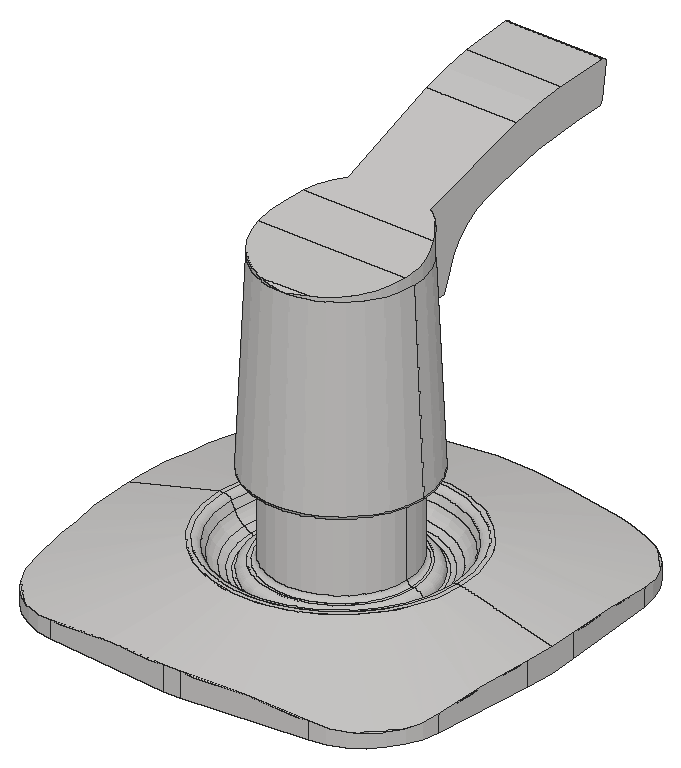
Revit family "Diverter_Valve-Trim-Delta-Tesla-11X52", category Plumbing Fixtures, host Face, Revit 2012
Parameters (values of type "Three Function")
  zz Length 3 = 4.500"  # constant formula
  zz Length 2 = 4.500"  # constant formula
  zz Length 1 = 4.000"  # constant formula
  zz Integer 1 = 1
  Width [instance] = zz Length 2  # 4.500"
  URL = "http://www.deltafaucet.com/index.html"
  Product Page URL = ""
  Product Material = Steel - Delta Faucet Company - Stainless
  Product Documentation Link = ""
  Pipe Size = 0.500"
  Part Number [instance] = Model  # "11852"
  Part Description [instance] = Description  # "Tesla Three Function Custom Shower Diverter"
  Model Disclaimer = "Contact Delta Faucet Company for More Information"  # constant formula
  Model = if(zz Integer 1 = 1, "11852", if(zz Integer 1 = 2, "11952", "Not Available"))  # "11852"
  Manufacturer = "Delta Faucet Company"  # constant formula
  Height [instance] = zz Length 3 + 0.625"  # 5.125"
  Fixture Flow = 0 GPM
  Family Version = "1.0"  # constant formula
  Equipment Number [instance] = ""
  Equipment Abbreviation = "CSD"
  Description = if(zz Integer 1 = 1, "Tesla Three Function Custom Shower Diverter", if(zz Integer 1 = 2, "Tesla Six Function Custom Shower Diverter", "Not Available"))  # "Tesla Three Function Custom Shower Diverter"
  Depth [instance] = zz Length 1  # 4.000"
  Default Elevation = 48.000"
  Date Modified = "January 5, 2015"  # constant formula
  Date Created = "January 5, 2015"  # constant formula
  Copyright = "Copyright ©2015 Delta Faucet Company"  # constant formula
Types (3): name | zz Integer 1 | Part Number | Part Description | Model | Description
  (no name) | 1 | "11852" | "Tesla Three Function Custom Shower Diverter" | "11852" | "Tesla Three Function Custom Shower Diverter"
  Three Function | 1 | "11852" | "Tesla Three Function Custom Shower Diverter" | "11852" | "Tesla Three Function Custom Shower Diverter"
  Six Function | 2 | "11952" | "Tesla Six Function Custom Shower Diverter" | "11952" | "Tesla Six Function Custom Shower Diverter"
Reference planes (in)
  plane 1 "Center (Front/Back)": y = 0
  plane 2 "Center (Elevation)": z = 0
  plane 3 "Center (Left/Right)": x = 0
  plane 4 "Left": x = -2.25
  plane 5 "Right": x = 2.25
  plane 6 "Top": y = 2.25
  plane 7 "Bottom": y = -2.25
  plane 8: y = 2.875
  plane 9: z = 0
  plane 10: z = 0.5
  plane 11: z = 0.20268
  plane 12: z = 0.26336
  plane 13: x = -1.28706
  plane 14: x = -1.18588
  plane 15: x = -0.93588
  plane 16: x = -0.85093
  plane 17: x = -0.73261
  plane 18: x = -0.70227
  plane 19: x = -0.87808
  plane 20: x = -0.79135
  plane 21: z = 3.05822
  plane 22: z = 1.19027
  plane 23: z = 1.17
  plane 24: z = 0.35126
  plane 25: z = 0.30096
  plane 26 "Front": z = 4
  plane 27: z = 3.18722
  plane 28: y = -0.79135
  plane 29: z = 3.57077
  plane 30: y = 2.76593
  plane 31: y = 2.80845
  plane 32: z = 4.25
  plane 33: x = 0.93588
Forms (in)
  Extrusion 1, void
    sketch origin (0, 0, 0) x (1, 0, 0) y (0, 1, 0)
      loop
        arc (-2.23518, 0.16941) -> (-2.24258, 0) -> (-2.23518, -0.16941) r 1.94377
        line (-2.23518, -0.16941) -> (-2.13038, -1.36723)
        arc (-2.13038, -1.36723) -> (-1.88769, -1.88769) -> (-1.36723, -2.13038) r 0.83951
        line (-1.36723, -2.13038) -> (-0.08601, -2.24248)
        arc (-0.08601, -2.24248) -> (0, -2.24623) -> (0.08601, -2.24248) r 0.98686
        line (0.08601, -2.24248) -> (1.36723, -2.13038)
        arc (1.36723, -2.13038) -> (1.88769, -1.88769) -> (2.13038, -1.36723) r 0.83951
        line (2.13038, -1.36723) -> (2.22349, -0.30302)
        arc (2.22349, -0.30302) -> (2.23672, 0) -> (2.22349, 0.30302) r 3.47682
        line (2.22349, 0.30302) -> (2.13038, 1.36723)
        arc (2.13038, 1.36723) -> (1.88769, 1.88769) -> (1.36723, 2.13038) r 0.83951
        line (1.36723, 2.13038) -> (0.12843, 2.23876)
        arc (0.12843, 2.23876) -> (0, 2.24437) -> (-0.12843, 2.23876) r 1.47351
        line (-0.12843, 2.23876) -> (-1.36723, 2.13038)
        arc (-1.36723, 2.13038) -> (-1.88769, 1.88769) -> (-2.13038, 1.36723) r 0.83951
        line (-2.13038, 1.36723) -> (-2.23518, 0.16941)
      loop
        line (-3.12658, 1.45439) -> (-3.23137, 0.25657)
        arc (-3.23137, 0.25657) -> (-3.24258, 0) -> (-3.23137, -0.25657) r 2.94377
        line (-3.23137, -0.25657) -> (-3.12658, -1.45439)
        arc (-3.12658, -1.45439) -> (-2.5948, -2.5948) -> (-1.45439, -3.12658) r 1.83951
        line (-1.45439, -3.12658) -> (-0.17317, -3.23867)
        arc (-0.17317, -3.23867) -> (0, -3.24623) -> (0.17317, -3.23867) r 1.98686
        line (0.17317, -3.23867) -> (1.45439, -3.12658)
        arc (1.45439, -3.12658) -> (2.5948, -2.5948) -> (3.12658, -1.45439) r 1.83951
        line (3.12658, -1.45439) -> (3.21968, -0.39018)
        arc (3.21968, -0.39018) -> (3.23672, 0) -> (3.21968, 0.39018) r 4.47682
        line (3.21968, 0.39018) -> (3.12658, 1.45439)
        arc (3.12658, 1.45439) -> (2.5948, 2.5948) -> (1.45439, 3.12658) r 1.83951
        line (1.45439, 3.12658) -> (0.21558, 3.23496)
        arc (0.21558, 3.23496) -> (0, 3.24437) -> (-0.21558, 3.23496) r 2.47351
        line (-0.21558, 3.23496) -> (-1.45439, 3.12658)
        arc (-1.45439, 3.12658) -> (-2.5948, 2.5948) -> (-3.12658, 1.45439) r 1.83951
    from 0 to 0.5
  Revolve 2, solid, material "Steel - Delta Faucet Company - Stainless" <- "Product Material"
    sketch origin (0, 0, 0) x (1, 0, 0) y (0, 0, 1)
      loop
        line (-2.70227, 0) -> (0, 0) -> (0, 3.18722) -> (-0.78536, 3.18722) -> (-0.87791, 1.19402)
        arc (-0.87791, 1.19402) -> (-0.87158, 1.1771) -> (-0.85498, 1.17) r 0.02295
        line (-0.85498, 1.17) -> (-0.70227, 1.17) -> (-0.70227, 0.35126)
        arc (-0.70227, 0.35126) -> (-0.71552, 0.31717) -> (-0.7483, 0.30096) r 0.0505
        line (-0.7483, 0.30096) -> (-0.7798, 0.30096)
        arc (-0.7798, 0.30096) -> (-0.8493, 0.27218) -> (-0.87808, 0.20268) r 0.09828
        line (-0.87808, 0.20268) -> (-0.90894, 0.20268)
        arc (-0.90894, 0.20268) -> (-0.93486, 0.20628) -> (-0.95882, 0.21679) r 0.09525
        line (-0.95882, 0.21679) -> (-1.02604, 0.25811)
        arc (-1.02604, 0.25811) -> (-1.08656, 0.30906) -> (-1.1295, 0.3755) r 0.26716
        line (-1.1295, 0.3755) -> (-1.16357, 0.45074)
        arc (-1.16357, 0.45074) -> (-1.19451, 0.48662) -> (-1.23996, 0.5) r 0.08385
        line (-1.23996, 0.5) -> (-1.28706, 0.5) -> (-2.654, 0.14644)
        arc (-2.654, 0.14644) -> (-2.68879, 0.12352) -> (-2.70227, 0.08409) r 0.0644
        line (-2.70227, 0.08409) -> (-2.70227, 0)
      axis (0, 0) -> (0, 3.18722)
    angle from 0 to 360
  Extrusion 3, solid, material "Steel - Delta Faucet Company - Stainless" <- "Product Material"
    sketch origin (0, 0, 0) x (0, 1, 0) y (0, 0, 1)
      loop
        arc (-0.74396, 3.21965) -> (-0.78059, 3.20038) -> (-0.79526, 3.16167) r 0.05842
        line (-0.79526, 3.16167) -> (-0.79526, 2.61524) -> (0.81336, 2.61524) -> (0.88112, 2.82378)
        arc (0.88112, 2.82378) -> (1.06408, 3.12235) -> (1.36265, 3.30531) r 0.75
        line (1.36265, 3.30531) -> (1.53698, 3.36195)
        arc (1.53698, 3.36195) -> (2.00494, 3.48329) -> (2.48412, 3.54728) r 4
        line (2.48412, 3.54728) -> (2.76663, 3.56774)
        arc (2.76663, 3.56774) -> (2.79852, 3.58154) -> (2.81488, 3.61221) r 0.05268
        line (2.81488, 3.61221) -> (2.86793, 3.95442)
        arc (2.86793, 3.95442) -> (2.85865, 3.98493) -> (2.82899, 3.99667) r 0.03672
        line (2.82899, 3.99667) -> (2.29465, 3.95797)
        arc (2.29465, 3.95797) -> (2.01573, 3.92072) -> (1.74334, 3.8501) r 2.3283
        line (1.74334, 3.8501) -> (0.37199, 3.40452)
        arc (0.37199, 3.40452) -> (0.13269, 3.33928) -> (-0.11177, 3.29727) r 2.58495
        line (-0.11177, 3.29727) -> (-0.74396, 3.21965)
    from -0.93588 to 0.93588
  Extrusion 4, void
    sketch origin (0, 0, 0) x (1, 0, 0) y (0, 1, 0)
      loop
        arc (-0.4392, 0.65107) -> (0, -0.78536) -> (0.4392, 0.65107) r 0.78536
        line (0.4392, 0.65107) -> (0.51686, 2.875) -> (-0.51686, 2.875) -> (-0.4392, 0.65107)
      loop
        line (-1.59723, 3.66891) -> (-1.59723, -1.58109) -> (1.40277, -1.58109) -> (1.40277, 3.66891) -> (-1.59723, 3.66891)
    from 1.17 to 4.25
  Extrusion 5, solid, material "Steel - Delta Faucet Company - Stainless" <- "Product Material", not visible, detail levels medium
    sketch origin (0, 0, 0) x (1, 0, 0) y (0, 1, 0)
      loop
        circle (0, 0) r 1
    from 0 to 0.20268
Cuts and joins
  Extrusion 1 cuts Revolve 2
  Extrusion 4 cuts Extrusion 3
  joined: Revolve 2, Extrusion 3
Lines and regions (in)
  Masking region 1, detail levels coarse+medium
    outline origin (0, 0, 0) x (1, 0, 0) y (0, 0, 1)
      loop
        line (-2.25, 0) -> (2.25, 0) -> (2.25, 0.5) -> (0.93588, 0.5) -> (0.93588, 3.57077) -> (-0.87808, 3.57077) -> (-0.87808, 0.5) -> (-2.25, 0.5) -> (-2.25, 0)
  Masking region 2, detail levels fine
    outline origin (0, 0, 0) x (1, 0, 0) y (0, 0, 1)
      loop
        line (-2.25, 0) -> (2.25, 0) -> (2.25, 0.26336) -> (1.28706, 0.5) -> (0.70227, 0.5) -> (0.70227, 1.17) -> (0.87808, 1.17) -> (0.79135, 3.57077) -> (-0.79135, 3.57077) -> (-0.87808, 1.17) -> (-0.70227, 1.17) -> (-0.70227, 0.5) -> (-1.28706, 0.5) -> (-2.25, 0.26336) -> (-2.25, 0)
  symbolic lines, detail levels coarse+medium
    curve 1: line (-0.87808, 0, 0.5) -> (0.93588, 0, 0.5)
  symbolic lines, detail levels fine
    curve 2: line (-0.70227, 0, 1.17) -> (0.70227, 0, 1.17)
    curve 3: line (-0.70227, 0, 0.5) -> (0.70227, 0, 0.5)
Dimensions and locks (in)
  equal spacing: plane 4 "Left", plane 3 "Center (Left/Right)", plane 5 "Right"
  "zz Length 2": plane 4 "Left" to plane 5 "Right"
  equal spacing: plane 7 "Bottom", plane 1 "Center (Front/Back)", plane 6 "Top"
  "zz Length 3": plane 6 "Top" to plane 7 "Bottom"
  locked: plane 8 to plane 6 "Top" at 0.625
  plane 3 "Center (Left/Right)" to Revolve 2 sketch curve to Revolve 2 sketch curve to Revolve 2 sketch curve to Revolve 2 sketch curve to Revolve 2 sketch curve to Revolve 2 sketch curve to Revolve 2 sketch curve to Revolve 2 sketch curve to Revolve 2 sketch curve to Revolve 2 sketch curve to Revolve 2 sketch curve to Revolve 2 sketch curve = 0.7483" locked, 0.03151" locked, 0.07517" locked, 0.02293" locked, 0.03104" locked, 0.04988" locked, 0.06722" locked, 0.10346" locked, 0.03407" locked, 0.07638" locked, 1.41404" locked, 0.04828" locked
  Revolve 2 sketch curve to Revolve 2 sketch curve to Revolve 2 sketch curve to Revolve 2 sketch curve to Revolve 2 sketch curve to Revolve 2 sketch curve to Revolve 2 sketch curve to Revolve 2 sketch curve to plane 9 = 0.74328" locked, 0.07524" locked, 0.02424" locked, 0.09316" locked, 0.04132" locked, 0.07035" locked, 0.06235" locked, 0.08409" locked
  plane 32 to plane 29 to plane 27 to plane 21 to plane 22 to plane 23 to plane 10 to plane 24 to plane 25 to plane 12 to plane 11 to plane 9 = 0.67923" locked, 0.38355" locked, 0.129" locked, 1.86795" locked, 0.02027" locked, 0.670" locked, 0.14874" locked, 0.0503" locked, 0.0376" locked, 0.06068" locked, 0.20268" locked
  "zz Length 1": plane 26 "Front" to plane 9
  Extrusion 3 sketch curve to Extrusion 3 sketch curve to Extrusion 3 sketch curve to Extrusion 3 sketch curve to Extrusion 3 sketch curve to Extrusion 3 sketch curve to Extrusion 3 sketch curve to plane 23 to Extrusion 3 sketch curve = 1.90291" locked, 0.33976" locked, 0.45861" locked, 0.54642" locked, 0.02322" locked, 0.95627" locked, 0.46575" locked, 1.61227" locked
  Extrusion 3 sketch curve to Extrusion 3 sketch curve to plane 1 "Center (Front/Back)" to Extrusion 3 sketch curve to Extrusion 3 sketch curve to Extrusion 3 sketch curve to Extrusion 3 sketch curve to Extrusion 3 sketch curve = 0.31004" locked, 0.4268" locked, 1.59441" locked, 0.86841" locked, 0.300" locked, 0.01022" locked, 0.0586" locked
  radius of Extrusion 5 sketch curve = 1.000"
  aligned and locked: plane 2 "Center (Elevation)" to host face
  aligned and locked: level to host face
  aligned and locked: plane 10 to Extrusion 1
  aligned and locked: Extrusion 1 to plane 9
  aligned and locked: plane 18 to Revolve 2 sketch curve
  aligned and locked: Revolve 2 sketch curve to plane 25
  aligned and locked: plane 19 to Revolve 2 sketch curve
  aligned and locked: Revolve 2 sketch curve to plane 11
  aligned and locked: Revolve 2 sketch curve to plane 10
  aligned and locked: plane 9 to Revolve 2 sketch curve
  aligned and locked: Revolve 2 sketch curve to plane 27
  aligned and locked: Extrusion 4 to plane 23
  aligned and locked: plane 32 to Extrusion 4
  aligned and locked: Extrusion 3 to plane 15
  aligned and locked: Extrusion 3 to plane 33
  aligned and locked: plane 3 "Center (Left/Right)" to Extrusion 5 sketch curve
  aligned and locked: plane 1 "Center (Front/Back)" to Extrusion 5 sketch curve
  aligned and locked: plane 11 to Extrusion 5
  aligned and locked: Extrusion 5 to plane 9
  aligned and locked: Masking region 1 sketch curve to plane 5 "Right"
  aligned and locked: plane 4 "Left" to Masking region 1 sketch curve
  aligned and locked: Masking region 1 sketch curve to plane 10  (x2)
  aligned and locked: Masking region 1 sketch curve to plane 9
  aligned and locked: plane 19 to Masking region 1 sketch curve
  aligned and locked: plane 33 to Masking region 1 sketch curve
  aligned and locked: Masking region 1 sketch curve to plane 29
  aligned and locked: plane 33 to curve 1
  aligned and locked: plane 19 to curve 1
  aligned and locked: curve 1 to plane 10
  aligned and locked: plane 4 "Left" to Masking region 2 sketch curve
  aligned and locked: Masking region 2 sketch curve to plane 9
  aligned and locked: plane 12 to Masking region 2 sketch curve  (x2)
  aligned and locked: plane 13 to Masking region 2 sketch curve
  aligned and locked: Masking region 2 sketch curve to plane 10
  aligned and locked: plane 18 to Masking region 2 sketch curve
  aligned and locked: plane 23 to Masking region 2 sketch curve
  aligned and locked: plane 19 to Masking region 2 sketch curve
  aligned and locked: plane 20 to Masking region 2 sketch curve
  aligned and locked: Masking region 2 sketch curve to plane 29
  aligned and locked: Masking region 2 sketch curve to plane 23
  aligned and locked: plane 5 "Right" to Masking region 2 sketch curve
  aligned and locked: plane 10 to Masking region 2 sketch curve
  aligned and locked: plane 18 to curve 2
  aligned and locked: curve 2 to plane 23
  aligned and locked: curve 3 to plane 10
  aligned and locked: plane 18 to curve 3
Automatic sketch dimensions
  host sketch curve to host sketch curve = 0.6322"
  host sketch curve to host sketch curve = 0.61916"
  plane 1 "Center (Front/Back)" to Extrusion 1 sketch curve = 0.000"  (x2)
  Extrusion 1 sketch curve to plane 3 "Center (Left/Right)" = 0.000"  (x2)
  plane 7 "Bottom" to Extrusion 1 sketch curve = 0.00752"  (x2)
  Extrusion 1 sketch curve to plane 3 "Center (Left/Right)" = 0.08601"
  Extrusion 1 sketch curve to plane 6 "Top" = 0.01124"  (x2)
  Extrusion 1 sketch curve to plane 3 "Center (Left/Right)" = 0.12843"
  Extrusion 1 sketch curve to plane 3 "Center (Left/Right)" = 0.2988"
  Extrusion 1 sketch curve to Extrusion 1 sketch curve = 0.9413"
  plane 4 "Left" to Extrusion 1 sketch curve = 0.95594"  (x2)
  Extrusion 1 sketch curve to plane 6 "Top" = 0.11962"  (x2)
  Extrusion 1 sketch curve to Extrusion 1 sketch curve = 0.07317"  (x4)
  plane 7 "Bottom" to Extrusion 1 sketch curve = 0.11962"  (x2)
  plane 4 "Left" to Extrusion 1 sketch curve = 0.11962"  (x2)
  plane 4 "Left" to Extrusion 1 sketch curve = 0.01482"  (x2)
  Extrusion 1 sketch curve to plane 5 "Right" = 0.95594"  (x2)
  Extrusion 1 sketch curve to plane 5 "Right" = 0.11962"  (x2)
  Extrusion 1 sketch curve to plane 5 "Right" = 0.02651"  (x2)
  plane 7 "Bottom" to Extrusion 1 sketch curve = 0.88277"  (x2)
  Extrusion 1 sketch curve to Extrusion 1 sketch curve = 0.98311"
  plane 1 "Center (Front/Back)" to Extrusion 1 sketch curve = 0.30302"
  plane 1 "Center (Front/Back)" to Extrusion 1 sketch curve = 0.16941"
  Extrusion 1 sketch curve to plane 1 "Center (Front/Back)" = 0.77086"
  Extrusion 1 sketch curve to Extrusion 1 sketch curve = 0.83632"  (x2)
  Extrusion 1 sketch curve to Extrusion 1 sketch curve = 0.000"  (x16)
  Extrusion 1 sketch curve to Extrusion 1 sketch curve = 0.08716"  (x16)
  plane 6 "Top" to Extrusion 1 sketch curve = 0.98496"
  plane 6 "Top" to Extrusion 1 sketch curve = 0.87658"
  Extrusion 1 sketch curve to Extrusion 1 sketch curve = 0.99619"  (x4)
  Extrusion 1 sketch curve to plane 7 "Bottom" = 0.98867"
  Extrusion 1 sketch curve to plane 7 "Bottom" = 0.87658"
  Revolve 2 sketch curve to plane 13 = 0.000"
  Revolve 2 sketch curve to plane 3 "Center (Left/Right)" = 0.000"  (x2)
  Revolve 2 sketch curve to plane 23 = 0.000"
  Revolve 2 sketch curve to plane 19 = 0.00804"
  Revolve 2 sketch curve to level = 1.250"
  plane 26 "Front" to Revolve 2 sketch curve = 1.48733"
  plane 20 to Revolve 2 sketch curve = 0.00599"
  Extrusion 3 sketch curve to plane 28 = 0.00391"
  plane 27 to Extrusion 3 sketch curve = 0.03243"
  plane 27 to Extrusion 3 sketch curve = 0.11005"
  plane 1 "Center (Front/Back)" to Extrusion 3 sketch curve = 0.11177"
  plane 27 to Extrusion 3 sketch curve = 0.2173"
  Extrusion 3 sketch curve to Extrusion 3 sketch curve = 0.06776"
  plane 27 to Extrusion 3 sketch curve = 0.11809"
  plane 27 to Extrusion 3 sketch curve = 0.17473"
  Extrusion 3 sketch curve to Extrusion 3 sketch curve = 0.17433"
  Extrusion 3 sketch curve to plane 26 "Front" = 0.1499"
  Extrusion 3 sketch curve to plane 6 "Top" = 0.50666"
  plane 6 "Top" to Extrusion 3 sketch curve = 0.04465"
  Extrusion 3 sketch curve to plane 29 = 0.02349"
  plane 6 "Top" to Extrusion 3 sketch curve = 0.23412"
  plane 30 to Extrusion 3 sketch curve = 0.00069"
  plane 31 to Extrusion 3 sketch curve = 0.00642"
  Extrusion 3 sketch curve to plane 26 "Front" = 0.00333"
  plane 31 to Extrusion 3 sketch curve = 0.02054"
  Extrusion 3 sketch curve to plane 8 = 0.00707"
  Extrusion 3 sketch curve to Extrusion 3 sketch curve = 0.20854"
  Extrusion 3 sketch curve to plane 29 = 0.00303"
  Extrusion 4 sketch curve to plane 8 = 0.000"
  plane 1 "Center (Front/Back)" to Extrusion 4 sketch curve = 0.000"
  Extrusion 4 sketch curve to plane 3 "Center (Left/Right)" = 0.000"
  plane 18 to Extrusion 4 sketch curve = 0.26307"
  plane 18 to Extrusion 4 sketch curve = 0.18541"
  Extrusion 4 sketch curve to plane 13 = 0.31018"
  plane 3 "Center (Left/Right)" to Extrusion 4 sketch curve = 0.4392"
  plane 3 "Center (Left/Right)" to Extrusion 4 sketch curve = 0.51686"
  Extrusion 4 sketch curve to plane 5 "Right" = 0.84723"
  plane 7 "Bottom" to Extrusion 4 sketch curve = 0.66891"
  Extrusion 4 sketch curve to plane 1 "Center (Front/Back)" = 0.65107"
  plane 8 to Extrusion 4 sketch curve = 0.79391"
  Masking region 1 sketch curve to plane 19 = 0.000"
  plane 33 to Masking region 2 sketch curve = 0.23361"
  plane 33 to Masking region 2 sketch curve = 0.14453"
  plane 33 to Masking region 2 sketch curve = 0.0578"
  Masking region 2 sketch curve to plane 33 = 0.35118"
  plane 33 to curve 2 = 0.23361"
  plane 33 to curve 3 = 0.23361"
Connectors (in)
  piping at (0, 0, 0), driven by "Pipe Size", driven by "Fixture Flow"
    settings: on Extrusion 5, index 1, connector radius 1/2", flow factor 0, pipe flow 0 GPM, pressure drop 0.00 psi, fitting loss kfactor 0, connector angle 0.000°, fixture units 0, engagement length 0.000", flow configuration 0, flow direction 0, fitting loss method 0, system type 29, joint type 0, gender type 0, connector reference index -1, connector utility 0, adjustable connector no, is connector primary yes, fitting loss table "", connector description "Pipe Connection"
